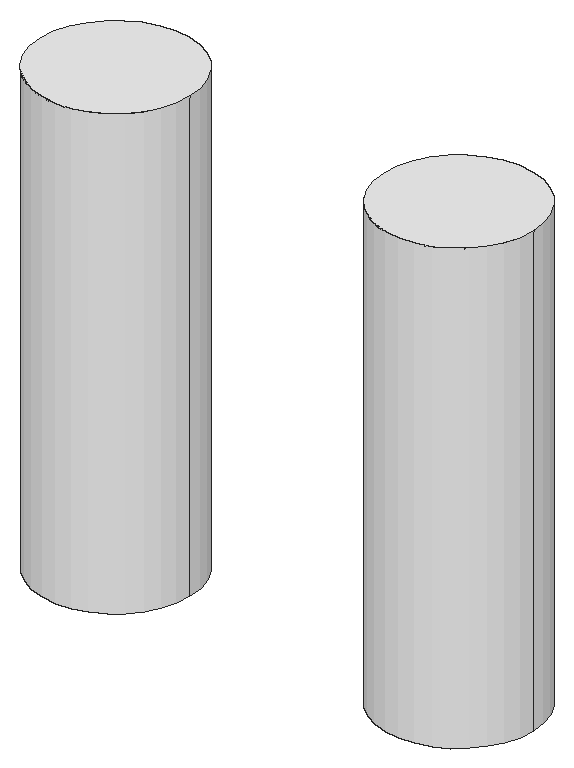
Revit family "92602219(2023)", category Plumbing Fixtures, Revit 2020
Family settings
  Round Connector Dimension = Use Diameter
  Part Type = Normal
  OmniClass Number = 23.45.55.00
  OmniClass Title = Sanitary Faucets, Wastes
  Work Plane-Based = No
  Always vertical = Yes
  Cut with Voids When Loaded = No
  Shared = No
  Room Calculation Point = No
Parameters (values of type "92602219 Washbasin faucet, 3 V, Bluetooth")
  Working Pressure = "100 - 1000 kPa"
  WarrantyStartDate [instance] = "n/a"
  WarrantyGuarantorParts = "n/a"
  WarrantyGuarantorLabor = "n/a"
  WarrantyDurationUnit = "Year"
  WarrantyDurationParts = "n/a"
  WarrantyDurationLabor = "n/a"
  WarrantyDescription = "http://warranty.hansa.com"
  Warranty Information URL = "http://warranty.hansa.com"
  VersionDate = "01/06/2023"
  Version = "1"
  ValvePattern = "n/a"
  ValveOperation = "n/a"
  ValveMechanism = "n/a"
  Uniclass2015Reference = "Pr_40_20_87_96"
  Uniclass2015Description = "Washbasin manual water supply sets"
  Uniclass2 = "Pr_40_30_96_96"
  URL WEEE = "http://static.hansa.com/WEEE/92602219"
  URL UWL = "http://static.hansa.com/UWL/92602219"
  URL REACH = "http://static.hansa.com/doc/reach"
  URL Materials Declaration = "http://www.hansa.com/fileadmin/resources/183262_92602219_materialsdeclaration.pdf"
  URL EcoLabel Declaration = "http://static.hansa.com/doc/EcoLabel"
  URL EU Packaging Declaration = "http://static.hansa.com/doc/packaging"
  URL Declaration of SCIP = "http://static.hansa.com/doc/SCIP"
  URL Declaration of Conformity = "http://static.hansa.com/DoC/92602219"
  URL Declaration of Asbestos = "http://static.hansa.com/doc/asbestos"
  URL Declaration Of Performance (DOP) = "http://static.hansa.com/doc/DoP"
  URL = ""
  UNSPSC Class Number = "30181700 Faucets or taps"
  Type Comments = ""
  TestPressure = "n/a"
  Temperature Adjustments = "Adjustable hot water stop (included, retrofittable)"
  Technical DataSheet URL = "http://www.hansa.com/datasheet/92602219/en"
  TagNumber [instance] = "n/a"
  SustainabilityPerformance = "n/a"
  Surface treatment = "Chrome"
  Spout Type = "Fixed spout"
  Spout Projection = "123 mm"
  Size = "70x170x135 mm"
  Shape = "Sculptured"
  SerialNumber [instance] = "n/a"
  Sales Package dimensions (LxWxH) = "284 x 191 x 83.5"
  Revision = "n/a"
  ReplacementCost = "n/a"
  Protection Class = "IP 55"
  ProductInformation = "n/a"
  Product URL = "http://static.hansa.com/92602219"
  Product Image URL = "http://static.hansa.com/image/92602219"
  Product Family = "HANSAELECTRA Safety"
  Product Code = "92602219"
  OperatingMechanismMaterial = "n/a"
  Operating Voltage = 39 V
  Operating Distance = "20-130 mm (110/130/160 mm)"
  NominalWidth = 68.942 mm
  NominalHeight = 135.012 mm
  NominalDepth = 167.912 mm
  Noise Class = "I (ISO 3822) "
  Name_en = "92602219 Washbasin faucet, 3 V, Bluetooth"
  Name = "92602219 Washbasin faucet, 3 V, Bluetooth"
  NBSReference = "45-35-70/371"
  NBSDescription = "Water supply fittings for wash basins and troughs"
  Mounting Holes = "1 hole"
  ModelReference = "92602219"
  ModelNumber = "n/a"
  Model = "92602219 Washbasin faucet, 3 V, Bluetooth"
  Mobile Product Information URL = "http://mpi.hansa.com/92602219"
  Mechanical Parts = "Mixing valve for manual temperature control;Non-return valve(s);Litter filter(s)"
  Max. Hot Water Supply = 70 °C
  Max Flow Period = "2 min (1 - 1800 s)"
  Material = "Brass"
  Market = "International;Germany;Austria;Switzerland;Belgium;Netherlands;Italy"
  ManufacturerURL = "http://www.hansa.com"
  ManufacturerName = "HANSA"
  Manufacturer = "HANSA"
  Long Marketing = "Electra 92 series give you a clean classic design with beautiful round body flowing into round spout design with a clear design line framing the faucet design.\nA Classic design for any installation.\n\nKey Features\nAerator with Tilt function +/- 10° for more flexible installation\nNewest Sensor technology for better detection and operation comfort\nBluetooth technology for easy adjustment to personalize settings \nAntiscalding protection\nTemperature measurement\nBattery and power cable"
  Lever Handle = "Temperature control handle"
  Keynote = ""
  InstallationDate [instance] = "n/a"
  Installation Type = "Deck mounted"
  InletConnectionSize = 10 mm
  IfcExportType = "FAUCET"  # constant formula
  IfcExportAs = "IfcValveType"  # constant formula
  Group = "Washbasin faucet"
  Grade = "n/a"
  FlowCoefficient = 0
  Flow Rate At 300kPa With Flow Controller = 0.09 L/s
  Flow Drawing URL = "http://static.hansa.com/flowchart/92602219"
  Finish = "Polished"
  Features = "Touchless;Battery-operated;External transformer;Bluetooth®"
  FaucetMainMaterial = Brass
  FDV Document URL = "http://www.hansa.com/datasheet/92602219/en/fdv"
  ExpectedLife = "n/a"
  Electronic Parts = ";Light indicated function(s);Low battery indicator"
  Electrical Connection = "9 V"
  ETIM Class Number = "EC010340 Electronic tap"
  EN Standard = "EN 15091"
  EMC Directive = "2014/53/EU , 2011/65/EU"
  EAN Number = "4057304019333"
  DurationUnit = "Year"
  Dimension Drawing URL = "http://static.hansa.com/dimdrw/92602219"
  Description = ""
  DefaultElevation [instance] = 900 mm
  Default Elevation = 0 mm
  Constituents = "n/a"
  Connection Size = "G3/8"
  Connection = "Flexible inlet pipes"
  Color = "Chrome"
  CodePerformance = "n/a"
  CloseOffRating = 0
  Catalog Drawing URL = "http://static.hansa.com/catdrw/92602219"
  CO2 Emissions (D) = -6.48
  CO2 Emissions (C4) = 0.25
  CO2 Emissions (C3) = 0.02
  CO2 Emissions (C2) = 0.02
  CO2 Emissions (B7) = 430
  CO2 Emissions (A4) = 0.32
  CO2 Emissions (A1-A3) = 8.88
  Brand = "HANSA"
  BodyMaterial = "Brass"
  Bluetooth = "5.x (D060576)"
  Battery = "AA 1.5 V Lithium x 2"
  Barcode [instance] = "n/a"
  Backflow Prevention EN1717 = "EB"
  BIMObjectName = "92602219(2023)"
  Automatic Flush Period = "30 s (1-1800 s)"
  Automatic Flush Frequency = "off (off/1-120 h)"
  Author = "BIMStone"
  AssetType = "Fixed"
  AssetIdentifier [instance] = "n/a"
  Afterflow Period = "3 s (1-20 s)"
  Aerator = "PCA® - constant flow rate regardless of pressure variations;Adjustable flow angle"
  Advanced Features = "3S-installation system for safe and simple mounting"
  AccessibilityPerformance = "n/a"
  2D/3D/BIM Files URL = "http://static.hansa.com/bim/92602219"
Reference planes
  plane 1 "Center (Front/Back)": y = 0
  plane 2: z = 0
  plane 3 "Center (Left/Right)": x = 0
  plane 4: x = -27.96
  plane 5: z = 900
  plane 6: z = 870
  plane 7: y = -167.912
  plane 8: x = 27.96
  plane 9: z = 1035.012
  plane 10: x = 40.982
Forms (mm)
  Extrusion 1, solid, material "Brass" <- "FaucetMainMaterial"
    sketch origin (0, -2.393, 0) x (1, 0, 0) y (0, 1, 0)
      loop
        circle (-11.5, -22.5) r 5
      loop
        circle (11.5, -22.5) r 5
    from 870 to 900
Dimensions and locks
  "DefaultElevation": plane 5 to level
  locked: plane 5 to plane 6 at 30
  "NominalDepth": plane 7 to plane 1 "Center (Front/Back)"
  equal spacing: plane 4, plane 3 "Center (Left/Right)", plane 8
  "NominalHeight": plane 9 to plane 5
  locked: plane 8 to plane 10 at 13.022
  "NominalWidth": plane 4 to plane 10
  "InletConnectionSize": diameter of Extrusion 1 sketch curve  (x2)
  aligned and locked: level to plane 2
  aligned and locked: plane 5 to Extrusion 1
  aligned and locked: Extrusion 1 to plane 6
  aligned and locked: plane 1 "Center (Front/Back)" to nested 2
  aligned and locked: plane 3 "Center (Left/Right)" to nested 2
  aligned and locked: plane 3 "Center (Left/Right)" to nested 1
  aligned and locked: plane 1 "Center (Front/Back)" to nested 1
  aligned and locked: plane 5 to nested 2
Automatic sketch dimensions
  Extrusion 1 sketch curve to plane 3 "Center (Left/Right)" = 11.5 mm
  plane 3 "Center (Left/Right)" to Extrusion 1 sketch curve = 11.5 mm
  plane 1 "Center (Front/Back)" to Extrusion 1 sketch curve = 24.893 mm
  Extrusion 1 sketch curve to Extrusion 1 sketch curve = 0 mm
Nested families
  nested 1: "Symbol" at (0, 0, 0), type "Symbol", detail levels coarse
  nested 2: "92602219(2023)_Body" at (0, 0, 900), Material <- "FaucetMainMaterial", type "92602219(2023)_Body"
    with Material Brass
Connectors
  piping at (-11.5, -24.893, 870), diameter 10, driven by "InletConnectionSize"
    settings: on Extrusion 1, index 1, connector inside diameter 609.6 mm, connector length 0 mm, flow factor 0, pipe flow 0.2 L/s, pressure drop 0.0 Pa, fitting loss kfactor 0, connector angle 0.00°, fixture units 0, engagement length 0 mm, angle of deflection 0.00°, flow configuration 1, flow direction 1, fitting loss method 0, system type 19, joint type 0, gender type 0, connector reference index -1, connector utility 0, adjustable connector no, is connector primary yes, connector description ""
  piping at (11.5, -24.893, 870), diameter 10, driven by "InletConnectionSize"
    settings: on Extrusion 1, index 2, connector inside diameter 609.6 mm, connector length 0 mm, flow factor 0, pipe flow 0.2 L/s, pressure drop 0.0 Pa, fitting loss kfactor 0, connector angle 0.00°, fixture units 0, engagement length 0 mm, angle of deflection 0.00°, flow configuration 1, flow direction 1, fitting loss method 0, system type 20, joint type 0, gender type 0, connector reference index -1, connector utility 0, adjustable connector no, is connector primary no, connector description ""
Definition of nested family "Symbol"
  Reference planes
    plane 1: y = 0
    plane 2: x = 0
  Lines and regions (mm)
    detail lines
      curve 1: line (0, 0, 0) -> (0, -1.8, 0)
      curve 2: line (-0.4, -1.1, 0) -> (0.4, -1.1, 0)
      curve 3: line (-0.4, -1.4, 0) -> (0.4, -1.4, 0)
      curve 4: line (0.863, 0, 0) -> (-0.863, 0, 0)
      curve 5: circle (-1.163, 0, 0) r 0.3 normal (0, 0, -1)
      curve 6: circle (1.163, 0, 0) r 0.3 normal (0, 0, 1)
